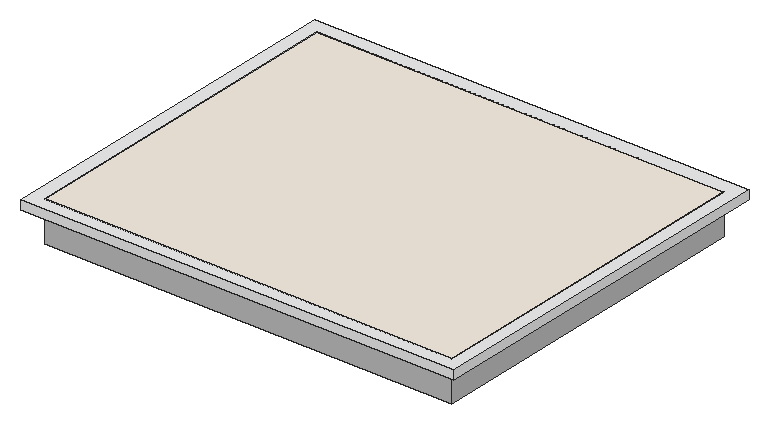
Revit family "Lighting-Industriale-GEWISS-ELIA-HL-LED_RIFLETTORE", category Apparecchi per illuminazione, host Superficie, Revit 2019 (continued)
Types (12, lengths in mm): name | Tensione | Scheda Tecnica | Potenza di sistema | Peso (kg): | Peso (kg) | Ottica | built-in parameter 1150142 | Lumen output (lm) | Modello | IDT | File diagramma fotometrico | Description
    6.18 \r\n410.76 386.96 364.36 342.97 323.07 304.10 285.68 267.10 \r\n246.81 226.65 208.11 190.53 173.87 157.85 142.13 126.90 \r\n112.25 98.18 84.63 71.80 59.88 48.88 38.80 29.70 21.44 \r\n14.57 9.76 6.59 4.86 4.63 \r\n13471.52 13472.86 13475.55 13478.24 13482.28 13486.31 \r\n13493.04 13501.11 13509.18 13518.59 13528.01 13538.77 \r\n13550.87 13562.98 13577.77 13589.88 13603.33 13619.47 \r\n13634.26 13650.40 13666.54 13682.68 13697.48 13710.93 \r\n13727.07 13741.86 13755.31 13768.76 13779.52 13791.63 \r\n13801.04 13810.46 13817.18 13822.56 13823.91 13823.91 \r\n13819.87 13813.15 13805.08 13791.63 13776.83 13758.00 \r\n13736.48 13712.27 13682.68 13651.75 13616.78 13577.77 \r\n13533.39 13486.31 13435.20 13380.06 13318.19 13253.63 \r\n13181.00 13104.33 13019.60 12928.14 12828.61 12719.66 \r\n12601.30 12474.87 12337.68 12191.08 12032.37 11864.24 \r\n11686.70 11502.44 11306.07 11098.94 10874.32 10628.19 \r\n10360.53 10071.36 9768.73 9471.49 9172.90 8875.65 8582.44 \r\n8297.30 8021.58 7753.92 7497.03 7245.51 7004.76 6780.14 \r\n6568.98 6365.89 6166.82 5973.15 5783.50 5592.51 5405.55 \r\n5225.32 5051.82 4885.04 4723.64 4564.93 4411.60 4260.96 \r\n4118.39 3981.20 3848.05 3714.89 3585.77 3460.68 3339.63 \r\n3222.62 3108.29 2993.97 2879.64 2766.66 2655.43 2546.49 \r\n2440.37 2338.01 2238.48 2140.70 2047.22 1960.07 1878.83 \r\n1804.18 1734.78 1669.41 1606.87 1546.48 1486.76 1425.57 \r\n1364.91 1305.86 1247.49 1188.04 1130.47 1078.15 1027.98 \r\n976.47 926.57 880.17 836.59 796.11 757.77 720.65 684.60 \r\n649.50 615.47 583.06 551.99 521.86 492.81 463.22 434.97 \r\n409.82 386.28 363.69 342.44 322.53 303.57 285.01 266.11 \r\n245.79 225.70 207.41 190.09 173.49 157.46 141.74 126.52 \r\n111.94 97.94 84.44 71.66 59.77 48.78 38.72 29.66 21.44 \r\n14.61 9.81 6.64 4.89 4.64 \r\n13471.52 13472.86 13475.55 13478.24 13482.28 13486.31 \r\n13493.04 13501.11 13509.18 13518.59 13528.01 13538.77 \r\n13550.87 13561.63 13576.43 13589.88 13603.33 13618.12 \r\n13634.26 13649.06 13665.20 13679.99 13696.13 13710.93 \r\n13725.72 13740.52 13753.97 13767.42 13779.52 13790.28 \r\n13801.04 13809.11 13817.18 13822.56 13823.91 13823.91 \r\n13821.22 13814.49 13806.42 13794.32 13779.52 13762.04 \r\n13740.52 13716.31 13688.06 13657.13 13623.50 13584.50 \r\n13540.11 13494.38 13443.27 13389.47 13327.60 13264.39 \r\n13193.10 13116.44 13033.05 12941.59 12843.40 12735.80 \r\n12620.13 12495.05 12357.86 12211.25 12055.23 11888.45 \r\n11712.26 11526.65 11331.62 11124.49 10903.91 10659.12 \r\n10392.81 10102.29 9799.67 9501.08 9201.14 8903.90 8609.34 \r\n8318.82 8039.06 7768.72 7507.79 7254.93 7012.83 6786.87 \r\n6573.01 6367.23 6169.51 5975.84 5788.88 5596.55 5408.24 \r\n5223.98 5047.78 4881.00 4720.95 4560.90 4406.22 4256.93 \r\n4113.01 3974.47 3841.32 3708.16 3580.39 3455.30 3335.60 \r\n3218.59 3104.26 2991.28 2878.30 2765.32 2653.28 2542.99 \r\n2435.39 2331.83 2231.76 2135.05 2043.06 1956.44 1875.47 \r\n1800.95 1731.15 1665.65 1602.97 1542.18 1482.32 1421.26 \r\n1360.60 1301.56 1243.18 1184.00 1126.84 1075.46 1025.70 \r\n974.18 924.01 877.48 833.90 793.95 756.16 719.17 683.39 \r\n648.02 613.86 581.85 551.18 521.19 492.00 462.14 433.76 \r\n408.75 385.48 363.28 342.03 322.13 303.03 284.06 265.05 \r\n244.72 224.76 206.74 189.67 173.10 157.06 141.35 126.16 \r\n111.65 97.73 84.28 71.55 59.68 48.70 38.68 29.64 21.46 \r\n14.67 9.87 6.69 4.93 4.66 \r\n13471.52 13472.86 13475.55 13478.24 13482.28 13486.31 \r\n13493.04 13501.11 13509.18 13517.25 13528.01 13537.42 \r\n13549.53 13561.63 13576.43 13589.88 13601.98 13618.12 \r\n13632.92 13647.71 13663.85 13678.65 13694.79 13709.58 \r\n13724.38 13739.17 13753.97 13766.07 13778.18 13790.28 \r\n13801.04 13809.11 13817.18 13821.22 13825.25 13825.25 \r\n13822.56 13815.84 13807.77 13797.01 13783.56 13764.73 \r\n13745.90 13720.34 13693.44 13662.51 13628.88 13589.88 \r\n13548.18 13501.11 13450.00 13396.20 13337.02 13273.80 \r\n13203.86 13127.20 13045.15 12955.04 12858.20 12751.94 \r\n12637.62 12512.53 12378.03 12231.43 12078.10 11911.32 \r\n11735.12 11550.86 11357.18 11152.74 10929.47 10687.37 \r\n10422.40 10133.23 9831.95 9532.01 9230.73 8932.14 8636.24 \r\n8341.69 8053.86 7782.17 7521.24 7264.34 7020.90 6792.25 \r\n6575.70 6368.57 6172.20 5979.87 5791.57 5599.23 5409.59 \r\n5223.98 5045.10 4879.66 4719.60 4558.20 4400.84 4251.55 \r\n4107.63 3970.44 3837.28 3704.13 3576.35 3452.61 3331.56 \r\n3215.89 3102.91 2989.93 2876.95 2763.97 2651.94 2540.17 \r\n2431.09 2326.31 2225.71 2130.08 2039.42 1953.48 1872.64 \r\n1798.00 1728.19 1662.29 1599.34 1538.14 1477.89 1416.96 \r\n1356.43 1297.25 1238.74 1179.97 1123.34 1072.64 1023.54 \r\n971.90 921.73 875.19 831.75 791.94 754.54 717.83 681.91 \r\n646.54 612.38 580.77 550.37 520.65 491.33 461.20 432.69 \r\n407.80 384.94 362.88 341.63 321.72 302.49 283.26 263.97 \r\n243.69 223.90 206.12 189.27 172.71 156.64 140.94 125.80 \r\n111.37 97.53 84.16 71.47 59.64 48.66 38.66 29.63 21.50 \r\n14.74 9.94 6.74 4.97 4.67 \r\n13471.52 13472.86 13475.55 13478.24 13482.28 13486.31 \r\n13493.04 13501.11 13507.83 13517.25 13525.32 13537.42 \r\n13548.18 13561.63 13575.08 13588.53 13601.98 13616.78 \r\n13631.57 13647.71 13662.51 13678.65 13693.44 13709.58 \r\n13724.38 13737.83 13751.28 13764.73 13778.18 13788.94 \r\n13799.70 13809.11 13817.18 13822.56 13823.91 13825.25 \r\n13823.91 13817.18 13810.46 13799.70 13784.90 13768.76 \r\n13748.59 13724.38 13697.48 13667.89 13634.26 13596.60 \r\n13554.91 13509.18 13458.07 13404.27 13346.43 13283.22 \r\n13214.62 13140.65 13058.60 12968.49 12872.99 12769.43 \r\n12653.76 12531.36 12396.86 12252.95 12098.27 11932.84 \r\n11757.99 11575.07 11382.73 11176.95 10956.37 10714.27 \r\n10451.99 10164.16 9861.54 9560.26 9257.63 8959.04 8661.80 \r\n8361.86 8072.69 7795.62 7530.65 7273.76 7027.62 6797.63 \r\n6579.74 6371.26 6172.20 5981.21 5794.26 5601.92 5409.59 \r\n5222.64 5042.40 4876.97 4716.91 4555.51 4399.49 4248.85 \r\n4104.94 3966.40 3834.60 3701.44 3573.66 3449.92 3328.88 \r\n3214.55 3101.57 2989.93 2876.95 2763.97 2651.26 2538.15 \r\n2427.46 2321.60 2220.59 2125.91 2036.20 1950.92 1870.49 \r\n1795.71 1725.63 1659.33 1595.98 1534.51 1473.85 1412.92 \r\n1352.53 1293.22 1234.71 1176.20 1119.98 1069.81 1021.26 \r\n969.74 919.44 872.91 829.60 790.05 752.80 716.35 680.70 \r\n645.20 611.03 579.56 549.57 519.84 490.52 460.39 431.75 \r\n407.13 384.54 362.34 341.23 321.32 301.95 282.45 262.93 \r\n242.75 223.14 205.58 188.92 172.35 156.22 140.55 125.45 \r\n111.10 97.34 84.04 71.42 59.60 48.66 38.66 29.64 21.55 \r\n14.83 10.02 6.80 5.00 4.69 \r\n13471.52 13472.86 13475.55 13478.24 13482.28 13486.31 \r\n13493.04 13501.11 13507.83 13517.25 13525.32 13536.08 \r\n13548.18 13561.63 13573.74 13587.19 13601.98 13615.43 \r\n13630.23 13645.02 13661.16 13675.96 13693.44 13706.89 \r\n13721.69 13736.48 13751.28 13764.73 13775.49 13788.94 \r\n13798.35 13807.77 13815.84 13822.56 13823.91 13825.25 \r\n13823.91 13819.87 13810.46 13801.04 13787.59 13771.45 \r\n13751.28 13728.41 13701.51 13673.27 13640.99 13601.98 \r\n13560.29 13514.56 13464.79 13410.99 13354.50 13292.63 \r\n13224.04 13150.06 13069.36 12981.94 12886.44 12784.22 \r\n12671.24 12547.50 12414.35 12271.78 12118.45 11954.36 \r\n11780.85 11597.93 11405.60 11201.16 10981.92 10741.17 \r\n10481.58 10193.75 9892.47 9589.85 9285.88 8984.60 8686.01 \r\n8383.38 8087.48 7807.72 7541.41 7281.83 7034.35 6801.66 \r\n6582.43 6372.61 6172.20 5982.56 5795.60 5603.27 5409.59 \r\n5221.29 5041.06 4874.28 4715.57 4554.17 4396.80 4246.16 \r\n4102.25 3965.06 3831.90 3701.44 3573.66 3448.58 3328.88 \r\n3213.20 3101.57 2989.93 2876.95 2763.97 2651.26 2537.07 \r\n2425.03 2318.11 2216.69 2122.54 2033.91 1949.17 1869.01 \r\n1794.23 1723.75 1656.91 1593.15 1531.01 1470.22 1409.29 \r\n1348.90 1289.32 1230.67 1172.57 1116.89 1067.12 1018.84 \r\n967.59 917.42 871.16 827.71 788.44 751.18 714.87 679.49 \r\n643.85 609.69 578.48 548.63 519.04 489.71 459.59 430.80 \r\n406.32 384.00 361.94 340.96 320.92 301.41 281.78 262.01 \r\n241.94 222.54 205.15 188.61 172.04 155.86 140.19 125.14 \r\n110.85 97.18 83.94 71.38 59.61 48.68 38.67 29.66 21.61 \r\n14.93 10.11 6.86 5.05 4.71 \r\n13471.52 13472.86 13475.55 13478.24 13482.28 13486.31 \r\n13493.04 13501.11 13507.83 13517.25 13526.66 13536.08 \r\n13548.18 13561.63 13573.74 13587.19 13600.64 13615.43 \r\n13630.23 13645.02 13658.47 13675.96 13692.10 13706.89 \r\n13720.34 13736.48 13749.93 13763.38 13775.49 13787.59 \r\n13798.35 13806.42 13814.49 13821.22 13823.91 13825.25 \r\n13823.91 13819.87 13810.46 13802.39 13788.94 13771.45 \r\n13752.62 13731.10 13704.20 13677.30 13645.02 13606.02 \r\n13565.67 13519.94 13471.52 13420.41 13362.57 13300.70 \r\n13234.80 13160.82 13081.47 12994.04 12901.24 12797.67 \r\n12686.04 12563.64 12431.83 12289.26 12137.28 11974.53 \r\n11801.03 11619.45 11428.46 11225.37 11007.48 10769.41 \r\n10511.17 10226.03 9927.44 9619.44 9310.09 9006.12 8703.49 \r\n8399.52 8100.93 7821.17 7549.48 7288.55 7038.38 6804.35 \r\n6583.77 6372.61 6172.20 5977.18 5788.88 5595.20 5405.55 \r\n5219.94 5041.06 4875.63 4716.91 4556.86 4402.18 4252.89 \r\n4107.63 3969.10 3835.94 3704.13 3576.35 3452.61 3331.56 \r\n3217.24 3104.26 2992.63 2879.64 2765.32 2652.74 2537.75 \r\n2425.44 2319.32 2218.58 2123.76 2034.18 1949.58 1869.68 \r\n1794.63 1723.62 1656.10 1591.40 1528.86 1467.66 1406.60 \r\n1346.21 1286.76 1228.12 1170.15 1114.60 1064.70 1016.42 \r\n965.58 915.81 869.81 826.77 787.09 749.70 713.12 677.61 \r\n642.37 608.34 577.00 546.88 517.15 487.97 458.24 430.13 \r\n405.79 383.46 361.67 340.55 320.51 300.74 281.10 261.64 \r\n241.83 222.65 205.26 188.62 171.93 155.66 139.99 124.95 \r\n110.71 97.10 83.93 71.41 59.66 48.77 38.76 29.72 21.71 \r\n15.05 10.21 6.93 5.09 4.73 \r\n13471.52 13472.86 13475.55 13478.24 13482.28 13487.66 \r\n13491.69 13499.76 13507.83 13515.90 13525.32 13536.08 \r\n13546.84 13560.29 13572.39 13585.84 13600.64 13614.09 \r\n13628.88 13643.68 13658.47 13674.61 13690.75 13705.55 \r\n13719.00 13735.14 13748.59 13762.04 13774.14 13786.25 \r\n13797.01 13806.42 13813.15 13819.87 13822.56 13825.25 \r\n13823.91 13819.87 13811.80 13802.39 13790.28 13774.14 \r\n13755.31 13732.45 13706.89 13678.65 13647.71 13611.40 \r\n13569.70 13526.66 13478.24 13427.13 13370.64 13308.77 \r\n13242.87 13170.24 13090.88 13006.15 12912.00 12809.78 \r\n12699.49 12578.44 12447.97 12305.40 12153.42 11992.02 \r\n11821.20 11639.63 11447.29 11248.23 11030.34 10794.97 \r\n10539.42 10256.97 9959.72 9649.03 9332.95 9026.29 8720.98 \r\n8412.97 8114.38 7831.93 7558.90 7293.93 7042.42 6807.04 \r\n6585.12 6373.95 6170.86 5973.15 5779.46 5587.13 5397.48 \r\n5215.91 5039.71 4875.63 4716.91 4560.90 4407.56 4258.27 \r\n4114.35 3975.82 3842.66 3709.51 3581.74 3456.65 3336.94 \r\n3221.27 3109.64 2995.31 2882.34 2768.01 2654.49 2539.36 \r\n2426.92 2321.60 2221.54 2125.64 2034.99 1950.52 1871.03 \r\n1795.71 1724.16 1655.69 1590.19 1527.11 1465.65 1404.45 \r\n1344.06 1284.47 1225.97 1168.13 1112.72 1062.42 1013.73 \r\n963.56 914.60 869.00 826.10 786.02 747.95 711.37 676.00 \r\n640.89 607.00 575.39 545.13 515.27 485.95 457.03 429.46 \r\n405.38 382.92 361.27 340.28 320.11 300.20 280.70 261.41 \r\n241.88 222.93 205.49 188.70 171.89 155.54 139.83 124.79 \r\n110.60 97.03 83.91 71.43 59.74 48.86 38.84 29.81 21.80 \r\n15.16 10.31 7.01 5.14 4.76 \r\n13471.52 13472.86 13475.55 13478.24 13482.28 13487.66 \r\n13493.04 13499.76 13506.49 13515.90 13525.32 13534.73 \r\n13546.84 13558.94 13572.39 13585.84 13599.29 13612.74 \r\n13627.54 13642.33 13657.13 13673.27 13689.41 13702.86 \r\n13717.65 13733.79 13747.24 13760.69 13774.14 13784.90 \r\n13795.66 13805.08 13811.80 13818.53 13821.22 13823.91 \r\n13822.56 13818.53 13811.80 13802.39 13790.28 13774.14 \r\n13756.66 13735.14 13709.58 13681.34 13650.40 13615.43 \r\n13575.08 13530.70 13484.97 13433.86 13377.37 13318.19 \r\n13252.28 13179.65 13101.64 13016.91 12924.10 12823.23 \r\n12711.59 12591.89 12462.77 12322.89 12170.90 12010.85 \r\n11838.69 11658.46 11466.12 11267.06 11053.21 10819.18 \r\n10566.32 10286.56 9990.66 9675.93 9355.82 9043.78 8735.77 \r\n8427.77 8126.49 7841.35 7566.97 7299.31 7045.11 6809.73 \r\n6586.46 6373.95 6169.51 5967.76 5770.05 5577.71 5390.76 \r\n5211.88 5041.06 4875.63 4718.26 4564.93 4412.94 4264.99 \r\n4122.43 3983.89 3848.05 3714.89 3585.77 3462.03 3342.32 \r\n3226.65 3113.67 2999.35 2885.02 2770.70 2656.91 2541.24 \r\n2428.80 2324.56 2225.03 2128.19 2036.46 1952.00 1872.78 \r\n1797.19 1725.10 1655.69 1589.25 1525.90 1464.17 1402.70 \r\n1342.31 1282.59 1224.08 1166.25 1110.97 1060.13 1011.31 \r\n961.67 913.52 868.47 825.70 785.21 746.61 709.76 674.25 \r\n639.55 605.92 574.05 543.38 513.39 484.33 455.82 429.05 \r\n404.98 382.65 360.86 340.02 319.57 299.67 280.30 261.32 \r\n242.10 223.36 205.81 188.82 171.88 155.43 139.71 124.68 \r\n110.52 96.99 83.90 71.46 59.83 48.98 38.94 29.89 21.90 \r\n15.28 10.41 7.08 5.19 4.78 \r\n13471.52 13472.86 13475.55 13478.24 13482.28 13487.66 \r\n13493.04 13499.76 13506.49 13515.90 13525.32 13536.08 \r\n13545.49 13558.94 13571.05 13584.50 13597.95 13612.74 \r\n13626.19 13640.99 13655.78 13670.58 13688.06 13701.51 \r\n13717.65 13731.10 13745.90 13759.35 13772.80 13783.56 \r\n13794.32 13803.73 13811.80 13817.18 13821.22 13822.56 \r\n13821.22 13817.18 13811.80 13802.39 13791.63 13775.49 \r\n13758.00 13735.14 13710.93 13684.03 13653.09 13618.12 \r\n13579.12 13536.08 13489.00 13437.89 13384.09 13324.91 \r\n13260.35 13189.07 13111.06 13027.67 12934.86 12833.99 \r\n12722.35 12605.34 12477.56 12337.68 12185.70 12025.64 \r\n11854.83 11674.60 11483.61 11284.55 11073.38 10842.04 \r\n10590.53 10314.80 10020.25 9701.48 9374.65 9059.92 \r\n8749.22 8439.87 8137.25 7848.07 7572.35 7303.35 7047.80 \r\n6812.42 6589.15 6375.30 6168.17 5962.39 5761.98 5569.65 \r\n5385.38 5209.18 5041.06 4876.97 4719.60 4567.62 4419.67 \r\n4271.72 4129.15 3990.61 3854.77 3721.61 3591.15 3467.41 \r\n3347.70 3232.03 3119.05 3002.04 2887.71 2773.39 2659.20 \r\n2543.66 2431.36 2327.79 2228.80 2131.02 2037.94 1953.61 \r\n1874.53 1798.80 1726.17 1656.10 1588.85 1524.83 1462.96 \r\n1401.36 1340.83 1281.11 1222.61 1164.77 1109.22 1057.98 \r\n1008.88 959.93 912.45 867.93 825.56 784.54 745.40 708.28 \r\n672.90 638.47 604.98 572.97 541.90 511.77 482.72 455.01 \r\n428.92 404.98 382.38 360.73 339.88 319.30 299.26 280.16 \r\n261.33 242.44 223.90 206.20 188.99 171.90 155.36 139.61 \r\n124.61 110.46 96.95 83.90 71.50 59.89 49.08 39.02 29.94 \r\n21.98 15.39 10.50 7.14 5.24 4.80 \r\n13471.52 13472.86 13475.55 13478.24 13480.93 13486.31 \r\n13493.04 13498.42 13506.49 13514.56 13523.97 13534.73 \r\n13545.49 13557.60 13571.05 13583.15 13597.95 13611.40 \r\n13624.85 13639.64 13654.44 13669.23 13685.37 13701.51 \r\n13716.31 13729.76 13744.55 13758.00 13771.45 13782.21 \r\n13792.97 13803.73 13810.46 13815.84 13819.87 13821.22 \r\n13819.87 13817.18 13810.46 13802.39 13790.28 13775.49 \r\n13758.00 13737.83 13713.62 13686.72 13655.78 13622.16 \r\n13583.15 13540.11 13494.38 13444.62 13389.47 13331.64 \r\n13267.08 13195.79 13119.13 13035.74 12944.28 12843.40 \r\n12734.46 12616.10 12489.67 12349.79 12200.49 12039.09 \r\n11869.62 11689.39 11498.40 11302.03 11090.87 10862.22 \r\n10612.05 10340.36 10047.15 9725.69 9394.82 9074.71 \r\n8759.98 8447.94 8145.32 7856.14 7577.73 7307.38 7051.83 \r\n6813.77 6591.84 6375.30 6166.82 5957.00 5755.25 5562.92 \r\n5378.65 5206.49 5041.06 4876.97 4720.95 4570.31 4425.05 \r\n4278.44 4135.88 3997.34 3861.49 3726.99 3596.53 3472.79 \r\n3351.74 3236.07 3121.74 3007.42 2891.75 2776.08 2661.62 \r\n2546.09 2434.05 2331.02 2232.30 2133.57 2039.56 1955.36 \r\n1876.54 1800.55 1727.52 1656.64 1588.58 1524.42 1462.15 \r\n1400.41 1339.75 1279.90 1221.26 1163.42 1107.74 1055.96 \r\n1006.60 958.18 911.78 867.93 825.56 784.00 744.19 707.07 \r\n671.83 637.53 604.44 572.03 540.69 510.56 481.64 454.48 \r\n429.05 405.25 382.38 360.59 339.75 318.90 298.86 279.89 \r\n261.47 242.85 224.51 206.63 189.16 171.94 155.31 139.54 \r\n124.56 110.41 96.92 83.89 71.53 59.96 49.16 39.07 29.97 \r\n22.05 15.49 10.59 7.20 5.27 4.82 \r\n13471.52 13472.86 13475.55 13478.24 13480.93 13486.31 \r\n13493.04 13498.42 13506.49 13514.56 13525.32 13534.73 \r\n13545.49 13557.60 13569.70 13584.50 13597.95 13611.40 \r\n13624.85 13639.64 13653.09 13669.23 13684.03 13700.17 \r\n13713.62 13729.76 13744.55 13758.00 13770.11 13782.21 \r\n13791.63 13802.39 13809.11 13814.49 13818.53 13821.22 \r\n13819.87 13817.18 13810.46 13802.39 13790.28 13775.49 \r\n13758.00 13737.83 13714.96 13688.06 13657.13 13623.50 \r\n13587.19 13544.15 13498.42 13448.65 13394.85 13337.02 \r\n13272.46 13202.52 13125.85 13043.81 12952.35 12851.47 \r\n12743.87 12626.86 12501.77 12361.89 12211.25 12051.20 \r\n11881.73 11702.84 11511.85 11316.83 1
